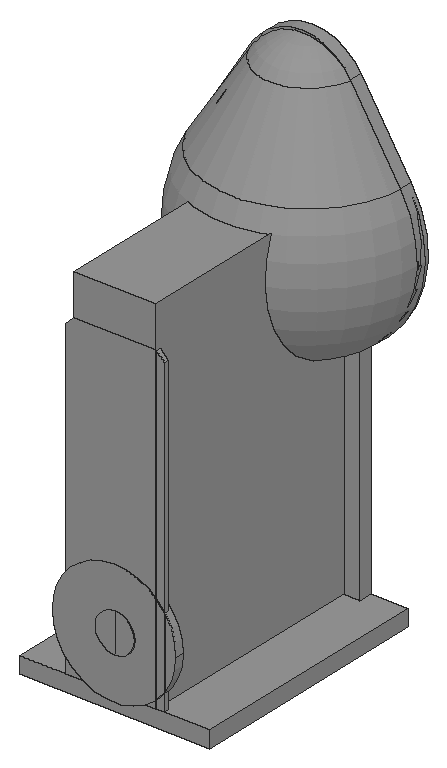
Revit family "Toilet-Willoughby-ETF-1490-FM-TS", category Plumbing Fixtures, Revit 2015
Parameters (values of type "Standard")
  Waste DIA = 2 3/8"
  Waste Connection = yes
  W-RAD [instance] = Waste DIA / 2  # 0' - 1 3/16"
  Vent Connection = no
  URL = "https://www.willoughby-ind.com/wp-content/uploads/2017/12/ETF-1490-FM.pdf"
  Type Comments = ""
  Revision = "A"
  Model = "ETF-1490-FM-TS"
  Manufacturer = "Willoughby Industries"
  HW Connection = no
  Flush inlet DIA = 1 1/2"
  Fixture Body = Stainless Steel AISI 304-Willoughby
  F-RAD [instance] = Flush inlet DIA / 2  # 0' - 0 3/4"
  Description = "Floor Outlet, Floor Mounted, Siphon Jet Toilet, Top Spud"
  Default Elevation = 0' - 0"
  Contact Number = "(800) 428-4065"
  CW Connection = yes
Reference planes (in)
  plane 1 "Base": y = -16.25
  plane 2: z = 0
  plane 3 "Center": x = 18.31072
  plane 4 "Waste height": y = -4.75
  plane 5: y = -1.25
  plane 6: z = -6.75
  plane 7: y = -2.125
  plane 8: y = -14.0625
  plane 9: y = 0.5
  plane 10: x = 16.56072
  plane 11: x = 20.06072
  plane 12: x = 11.56072
  plane 13: x = 25.06072
  plane 14: z = 23
  plane 15: z = 30.75
  plane 16: x = 15.81072
  plane 17: x = 20.81072
  plane 18: x = 15.81072
  plane 19: x = 20.81072
  plane 20: z = 4.25
  plane 21: x = 12.56072
  plane 22: x = 24.06072
  plane 23: z = 2.75
Forms (in)
  Extrusion 1, solid, material "Stainless Steel AISI 304-Willoughby" <- "Fixture Body"
    sketch origin (16.08109, 7.47968, -2.20225) x (-1, 0, 0) y (0, 0, -1)
      loop
        line (1.29775, -16.80087) -> (1.29775, -3.20225) -> (-5.72963, -3.20225) -> (-5.72963, -16.81676)
        arc (-5.72963, -16.81676) -> (-8.98136, -21.11843) -> (-8.21015, -26.45542) r 7
        line (-8.21015, -26.45542) -> (-5.16818, -31.31054)
        arc (-5.16818, -31.31054) -> (-2.20225, -32.95225) -> (0.76368, -31.31054) r 3.5
        line (0.76368, -31.31054) -> (3.80565, -26.45542)
        arc (3.80565, -26.45542) -> (4.5729, -21.10311) -> (1.29775, -16.80087) r 7
      loop
        arc (2.03989, -24.70557) -> (-2.20225, -18.23804) -> (-6.44438, -24.70557) r 4.625
        line (-6.44438, -24.70557) -> (-4.04125, -30.23842)
        arc (-4.04125, -30.23842) -> (-2.20225, -31.45225) -> (-0.36324, -30.23842) r 2
        line (-0.36324, -30.23842) -> (2.03989, -24.70557)
    from 8.72968 to 9.5
  Revolve 2, solid, material "Stainless Steel AISI 304-Willoughby" <- "Fixture Body"
    sketch origin (19.37246, -1.52032, 1.00169) x (-1, 0, 0) y (0, 0, -1)
      loop
        line (1.06174, -12.59906) -> (1.06174, -12.84906)
        arc (1.06174, -12.84906) -> (6.91177, -17.54136) -> (5.58904, -24.92315) r 7.34171
        line (5.58904, -24.92315) -> (3.81535, -27.91457)
        arc (3.81535, -27.91457) -> (2.63527, -29.03194) -> (1.06174, -29.43826) r 3.25
        line (1.06174, -29.43826) -> (1.06174, -29.68826)
        arc (1.06174, -29.68826) -> (2.75672, -29.25045) -> (4.02767, -28.04656) r 3.5
        line (4.02767, -28.04656) -> (7.06964, -23.19143)
        arc (7.06964, -23.19143) -> (7.15052, -16.14555) -> (1.06174, -12.59906) r 7
      axis (1.06174, -12.59906) -> (1.06174, -29.68826)
    angle from 0 to -180
  Extrusion 3, solid, material "Stainless Steel AISI 304-Willoughby" <- "Fixture Body"
    sketch origin (19.53334, -3.02032, -4.9508) x (0, 1, 0) y (0, 0, 1)
      loop
        line (-4.42257, 4.9508) -> (1.02643, 4.9508) -> (1.02643, 18.97156)
        arc (1.02643, 18.97156) -> (-2.31062, 20.32275) -> (-4.42257, 23.23845) r 6.52287
        line (-4.42257, 23.23845) -> (-4.42257, 4.9508)
    from 1.27686 to -3.72262
  Extrusion 4, solid, material "Stainless Steel AISI 304-Willoughby" <- "Fixture Body"
    sketch origin (0, -16.25, 0) x (1, 0, 0) y (0, 0, 1)
      loop
        line (24.06072, 0) -> (24.06072, 1) -> (12.56072, 1) -> (12.56072, 0) -> (24.06072, 0)
    from -15 to 0
  Extrusion 5, solid, material "Stainless Steel AISI 304-Willoughby" <- "Fixture Body"
    sketch origin (0, -16.25, 0) x (1, 0, 0) y (0, 0, 1)
      loop
        line (20.81072, 0) -> (20.81072, 23) -> (15.81072, 23) -> (15.81072, 0) -> (20.81072, 0)
    from 0 to -8.80711
  Revolve 6, solid, material "Stainless Steel AISI 304-Willoughby" <- "Fixture Body"
    sketch origin (18.31072, 0, 0) x (0, 1, 0) y (0, 0, 1)
      loop
        line (-16.25195, 4.25) -> (-14.75, 4.25) -> (-14.75, 5.4375) -> (-16.25195, 5.4375) -> (-16.25195, 4.25)
      axis (-14.75, 4.25) -> (-16.25195, 4.25)
    angle from 0 to 360
  Revolve 7, solid, material "Stainless Steel AISI 304-Willoughby" <- "Fixture Body"
    sketch origin (18.31072, 0, 0) x (0, 1, 0) y (0, 0, 1)
      loop
        line (-1.25011, 2.75) -> (-1.25011, 3.5) -> (-3, 3.5) -> (-3, 2.75) -> (-1.25011, 2.75)
      axis (-1.25011, 2.75) -> (-3, 2.75)
    angle from 0 to 360
  Extrusion 8, solid, material "Stainless Steel AISI 304-Willoughby" <- "Fixture Body"
    sketch origin (0, -16.25, 0) x (1, 0, 0) y (0, 0, 1)
      loop
        circle (18.26817, 4.22179) r 3.75
    from 0 to -0.5
  Extrusion 9, solid, material "Stainless Steel AISI 304-Willoughby" <- "Fixture Body"
    sketch origin (0, -16.25, 0) x (1, 0, 0) y (0, 0, 1)
      loop
        line (20.81072, 1) -> (21.31072, 1) -> (21.31072, 20) -> (20.81072, 20.5) -> (15.81072, 20.5) -> (15.31072, 20) -> (15.31072, 1) -> (15.81072, 1) -> (20.81072, 1)
    from 0 to -0.25
Cuts and joins
  joined: Extrusion 1, Extrusion 3, Extrusion 4, Extrusion 5
Lines and regions (in)
  model lines, detail levels coarse+medium
    curve 1: line (13.81072, -16.25, 0) -> (22.81072, -16.25, 0)
    curve 2: line (22.81072, -16.25, 1) -> (13.81072, -16.25, 1)
  symbolic lines, style "PlumbingFixtures"
    curve 3: line (18.31072, -1.25, 5) -> (18.31072, -1.25, 25.81005)
  symbolic lines
    curve 4: line (11.28334, -1.25, 0) -> (25.28334, -1.25, 0)
    curve 5: line (25.28334, -1.25, 0) -> (25.28334, -2.02032, 0)
    curve 6: line (11.28334, -1.25, 0) -> (11.28334, -2.02032, 0)
    curve 7: arc (11.28334, -2.02032, 0) -> (13.53774, -6.64732, 0) -> (18.31072, -8.57346, 0) r 7.17351
    curve 8: arc (18.31072, -8.57346, 0) -> (23.07813, -6.66, 0) -> (25.28334, -2.02032, 0) r 7.05363
    curve 9: line (15.81072, -8.07914, 0) -> (15.81072, -15.75, 0)
    curve 10: line (12.56072, -5.52527, 0) -> (12.56072, -16.25, 0)
    curve 11: line (12.56072, -16.25, 0) -> (24.06072, -16.25, 0)
    curve 12: line (24.06072, -16.25, 0) -> (24.06072, -5.51508, 0)
    curve 13: line (20.81072, -8.09152, 0) -> (20.81072, -16.25, 0)
    curve 14: line (12.56072, -16.25, 0) -> (24.06072, -16.25, 0)
    curve 15: line (24.06072, -16.25, 0) -> (24.06072, -16.25, 1)
    curve 16: line (24.06072, -16.25, 1) -> (21.81072, -16.25, 1)
    curve 17: line (21.81072, -16.25, 1) -> (21.81072, -16.25, 14.61451)
    curve 18: line (14.78334, -16.25, 14.59862) -> (14.78334, -16.25, 1)
    curve 19: line (14.78334, -16.25, 1) -> (12.56072, -16.25, 1)
    curve 20: line (12.56072, -16.25, 1) -> (12.56072, -16.25, 0)
    curve 21: arc (21.81072, -16.25, 14.61451) -> (25.06245, -16.25, 18.91618) -> (24.29124, -16.25, 24.25317) r 7
    curve 22: line (24.29124, -16.25, 24.25317) -> (21.24927, -16.25, 29.1083)
    curve 23: arc (21.24927, -16.25, 29.1083) -> (18.28334, -16.25, 30.75) -> (15.31741, -16.25, 29.1083) r 3.5
    curve 24: line (15.31741, -16.25, 29.1083) -> (12.35249, -16.25, 24.379)
    curve 25: arc (12.35249, -16.25, 24.379) -> (11.49002, -16.25, 18.97236) -> (14.78334, -16.25, 14.59862) r 7
    curve 30: line (18.31072, -1.25, 0) -> (18.31072, -1.25, 30.75)
    curve 31: line (18.31072, -1.25, 30.75) -> (18.31072, -2.02032, 30.75)
    curve 32: arc (18.31072, -2.02032, 30.75) -> (18.31072, -3.19741, 30.282) -> (18.31072, -4.16324, 29.4624) r 3.9118
    curve 33: line (18.31072, -4.16324, 29.4624) -> (18.31072, -7.52822, 24.19312)
    curve 34: arc (18.31072, -7.52822, 24.19312) -> (18.31072, -7.84583, 23.61494) -> (18.31072, -8.08458, 23) r 5.00151
    curve 35: line (18.31072, -7.5932, 23) -> (18.31072, -16.25, 23)
    curve 36: line (18.31072, -16.25, 23) -> (18.31072, -16.25, 0)
    curve 37: line (18.31072, -16.25, 0) -> (18.31072, -1.25, 0)
    curve 38: line (18.31072, -2.125, 0) -> (18.31072, -2.125, 14)
    curve 39: arc (18.31072, -2.125, 14) -> (18.31072, -7.03014, 17.18092) -> (18.31072, -7.5932, 23) r 6.72716
    curve 40: arc (21.81072, -16.25, 5.45177) -> (22.01817, -16.25, 4.22179) -> (21.81072, -16.25, 2.99181) r 3.75
    curve 41: arc (14.78334, -16.25, 5.60687) -> (14.51817, -16.25, 4.22179) -> (14.78334, -16.25, 2.83672) r 3.75
  symbolic lines, detail levels fine
    curve 26: arc (14.0412, -16.25, 22.50332) -> (18.28334, -16.25, 16.0358) -> (22.52547, -16.25, 22.50332) r 4.625
    curve 27: line (22.52547, -16.25, 22.50332) -> (20.12234, -16.25, 28.03617)
    curve 28: arc (20.12234, -16.25, 28.03617) -> (18.28334, -16.25, 29.2424) -> (16.44433, -16.25, 28.03617) r 2.00498
    curve 29: line (16.44433, -16.25, 28.03617) -> (14.0412, -16.25, 22.50332)
Dimensions and locks (in)
  plane 1 "Base" to plane 5 = 1' - 3"
  level to plane 15 = 2' - 6 3/4"
  plane 21 to plane 22 = 0' - 11 1/2"  (x2)
  plane 13 to plane 22 = 0' - 1"
  level to plane 20 = 0' - 4 1/4"
  plane 21 to plane 3 "Center" = 0' - 5 3/4"
  level to plane 23 = 0' - 2 3/4"
  plane 18 to plane 19 = 0' - 5"
Connectors (in)
  piping at (18.31072, -16.25195, 4.25), diameter 2.375, driven by "W-RAD", driven by "Waste Connection"
    settings: on Revolve 6, index 4, connector inside diameter 24", connector length 0' - 0", flow factor 0, pipe flow 0 GPM, pressure drop 0.00 psi, fitting loss kfactor 0, connector angle 0.00°, fixture units 0, engagement length 0' - 0", angle of deflection 0.00°, flow configuration 0, flow direction 2, fitting loss method 0, system type 16, joint type 0, gender type 0, connector reference index -1, connector utility 1, adjustable connector no, is connector primary yes, connector description "Toilet Waste"
  piping at (18.31072, -1.25011, 2.75), diameter 1.5, driven by "F-RAD", driven by "CW Connection"
    settings: on Revolve 7, index 5, connector inside diameter 24", connector length 0' - 0", flow factor 0, pipe flow 0 GPM, pressure drop 0.00 psi, fitting loss kfactor 0, connector angle 0.00°, fixture units 0, engagement length 0' - 0", angle of deflection 0.00°, flow configuration 0, flow direction 1, fitting loss method 0, system type 20, joint type 0, gender type 0, connector reference index -1, connector utility 1, adjustable connector no, is connector primary no, connector description "Flush Inlet"
